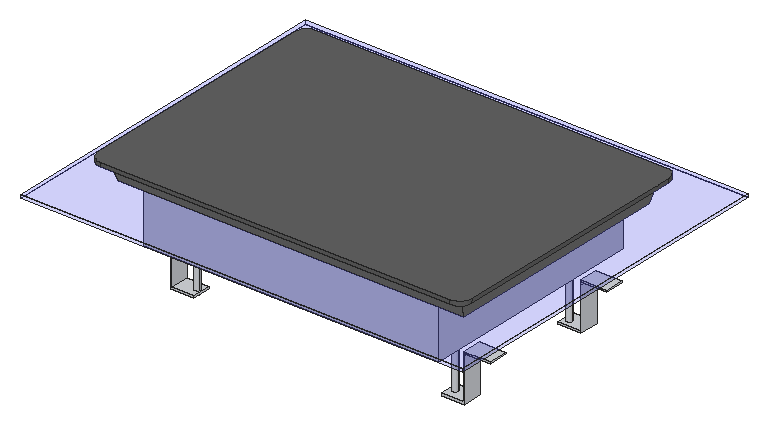
Revit family "QSC TSC-7w", category Generic Models, host Face, Revit 2014
Parameters
  Voltage DC = "12 VDC or PoE 802.3af"
  URL = ""
  Show Right Ear Short [instance] = yes
  Show Right Ear Long [instance] = yes
  Show Left Ear Short [instance] = yes
  Show Left Ear Long [instance] = yes
  Width = 198.0 mm
  Logo Material [instance] = White Finish
  Height = 143.0 mm
  Product Page URL = "http://www.qsc.com/systems/products/q-sys/network-touch-screen-controller-peripherals/tsc-7w/"
  Product Documentation Link = "http://www.qsc.com/resource-files/productresources/dn/touchscreen_controller_peripherals/tsc_7w/q_dn_qsys_tsc_7w_specs.pdf"
  Model = "TSC-7w"
  Manufacturer URL = "http://www.qscaudio.com"
  Manufacturer = "QSC Audio Products, LLC"  # constant formula
  Face Material = Glossy Black
  Face Depth = 2.0 mm
  Enclosure Width = 183.0 mm
  Enclosure Length = 122.0 mm
  Enclosure Depth = 26.0 mm
  Description = "Wall-mount PoE Touch Screen Controller"
  Depth = 38.0 mm
  Default Elevation = 0.0 mm
  Current Draw = 1
  Enclosure Material = Dark Gray Finish
  Blend Depth = 11.0 mm
Reference planes
  plane 1 "Center (Front/Back)": y = 0
  plane 2: z = 0
  plane 3 "Center (Left/Right)": x = 0
  plane 4 "Right Frame Perimeter": x = 99
  plane 5 "Left Frame Perimeter": x = -99
  plane 6 "Top Screen Boundary": y = 43.5
  plane 7 "Bottom Screen Boundary": y = -43.5
  plane 8 "Right Screen Perimeter": x = 77.5
  plane 9 "Left Screen Perimeter": x = -77.5
  plane 10 "Top Frame Perimeter": y = 71.5
  plane 11 "Bottom Frame Perimeter": y = -71.5
  plane 12 "Front of Screen": z = 13
  plane 13 "Back of Enclosed": z = -26
  plane 14 "Enclosure Right Perimeter": x = 91.5
  plane 15 "Enclosure Left Perimeter": x = -91.5
  plane 16 "Enclosure Top Perimeter": y = 61
  plane 17 "Enclosure Bottom Perimeter": y = -61
  plane 18 "Back of Screen": z = 11
  plane 19: x = -78
  plane 20: x = 78
  plane 21: z = -54
  plane 22: x = 70
  plane 23: x = -70
  plane 24: x = -67
  plane 25: x = 67
  plane 26: z = -53
  plane 27: z = -29
Forms (mm)
  Extrusion 1, solid, material "Glass"
    sketch origin (0, 0, 0) x (1, 0, 0) y (0, 1, 0)
      loop
        line (-116, 93.5) -> (-116, -95.344) -> (118.356, -95.344) -> (118.356, 93.5) -> (-116, 93.5)
    from 0 to -2.007
  Extrusion 2, solid, material "Glossy Black" <- "Face Material"
    sketch origin (0, 0, 11) x (-1, 0, 0) y (0, -1, 0)
      loop
        line (-92.5, -71.5) -> (92.5, -71.5)
        arc (92.5, -71.5) -> (97.096, -69.596) -> (99, -65) r 6.5
        line (99, -65) -> (99, 65)
        arc (99, 65) -> (97.096, 69.596) -> (92.5, 71.5) r 6.5
        line (92.5, 71.5) -> (-92.5, 71.5)
        arc (-92.5, 71.5) -> (-97.096, 69.596) -> (-99, 65) r 6.5
        line (-99, 65) -> (-99, -65)
        arc (-99, -65) -> (-97.096, -69.596) -> (-92.5, -71.5) r 6.5
    from 0 to 2 <- "Face Depth"
  Blend 3, solid, material "Dark Gray Finish" <- "Enclosure Material"
    base sketch origin (0, 0, 0) x (1, 0, 0) y (0, 1, 0)
      loop
        line (-93.8, 65.2) -> (-93.8, -65.2) -> (93.8, -65.2) -> (93.8, 65.2) -> (-93.8, 65.2)
    top sketch origin (0, 0, 0) x (1, 0, 0) y (0, 1, 0)
      loop
        line (-91.5, 61) -> (-91.5, -61) -> (91.5, -61) -> (91.5, 61) -> (-91.5, 61)
    from 11 <- "Blend Depth" to 0
  Extrusion 4, solid
    sketch origin (0, -61, 0) x (1, 0, 0) y (0, 0, 1)
      loop
        line (-78, 0) -> (-78, -26) -> (78, -26) -> (78, 0) -> (-78, 0)
    from 0 to -122
  Extrusion 5, solid
    sketch origin (0, -21.971, 0) x (1, 0, 0) y (0, 0, -1)
      loop
        line (78, 54) -> (65.742, 54) -> (65.742, 53) -> (77.5, 53) -> (77.5, 29) -> (91.5, 29) -> (91.5, 29.799) -> (78, 29.799) -> (78, 30.786) -> (78, 54)
    from -11.446 to -21.529
  Extrusion 6, solid
    sketch origin (0, 0, 13) x (-1, 0, 0) y (0, -1, 0)
      loop
        circle (-68.338, 37.722) r 1.5
    from -39 to -68.088
  Extrusion 7, solid
    sketch origin (0, 0, 13) x (1, 0, 0) y (0, 1, 0)
      loop
        circle (-68.338, -37.722) r 1.5
    from -39 to -68.088
  Extrusion 8, solid
    sketch origin (0, 0, 13) x (-1, 0, 0) y (0, -1, 0)
      loop
        circle (-68.338, -37.722) r 1.5
    from -39 to -68.088
  Extrusion 9, solid
    sketch origin (0, 0, 13) x (1, 0, 0) y (0, 1, 0)
      loop
        circle (-68.338, 37.722) r 1.5
    from -39 to -68.088
  Extrusion 10, solid
    sketch origin (0, 21.971, 0) x (1, 0, 0) y (0, 0, 1)
      loop
        line (78, -54) -> (78, -30.786) -> (78, -29.799) -> (91.5, -29.799) -> (91.5, -29) -> (77.5, -29) -> (77.5, -53) -> (65.742, -53) -> (65.742, -54) -> (78, -54)
    from -11.446 to -21.529
  Extrusion 11, solid
    sketch origin (0, 21.971, 0) x (-1, 0, 0) y (0, 0, -1)
      loop
        line (78, 54) -> (65.742, 54) -> (65.742, 53) -> (77.5, 53) -> (77.5, 29) -> (91.5, 29) -> (91.5, 29.799) -> (78, 29.799) -> (78, 30.786) -> (78, 54)
    from -11.446 to -21.529
  Extrusion 12, solid
    sketch origin (0, -21.971, 0) x (-1, 0, 0) y (0, 0, 1)
      loop
        line (78, -54) -> (78, -30.786) -> (78, -29.799) -> (91.5, -29.799) -> (91.5, -29) -> (77.5, -29) -> (77.5, -53) -> (65.742, -53) -> (65.742, -54) -> (78, -54)
    from -11.446 to -21.529
Cuts and joins
  joined: Extrusion 5, Extrusion 6
  joined: Extrusion 8, Extrusion 10
  joined: Extrusion 9, Extrusion 11
  joined: Extrusion 7, Extrusion 12
Lines and regions (mm)
  model lines, style "GenericModel", not visible, detail levels fine
    curve 1: line (344.322, -25.724, 0.794) -> (342.106, -22.804, 0.794)
    curve 2: line (342.106, -22.804, 0.794) -> (344.322, -25.724, 0.794)
    curve 3: line (334.07, -25.359, 0.794) -> (334.908, -22.347, 0.794)
    curve 4: line (334.908, -22.347, 0.794) -> (334.07, -25.359, 0.794)
    curve 5: line (335.469, -27.353, 0.794) -> (334.844, -21.779, 0.794)
    curve 6: line (334.844, -21.779, 0.794) -> (335.469, -27.353, 0.794)
    curve 7: line (347.29, -23.453, 0.794) -> (349.266, -24.905, 0.794)
    curve 8: line (349.266, -24.905, 0.794) -> (347.29, -23.453, 0.794)
    curve 17: line (-85.176, 10.698, 0) -> (-87.627, 13.927, 0)
    curve 18: line (-87.627, 13.927, 0) -> (-85.176, 10.698, 0)
    curve 19: line (-96.512, 11.101, 0) -> (-95.587, 14.432, 0)
    curve 20: line (-95.587, 14.432, 0) -> (-96.512, 11.101, 0)
    curve 21: line (-94.966, 8.896, 0) -> (-95.657, 15.06, 0)
    curve 22: line (-95.657, 15.06, 0) -> (-94.966, 8.896, 0)
    curve 23: line (-81.894, 13.209, 0) -> (-79.709, 11.603, 0)
    curve 24: line (-79.709, 11.603, 0) -> (-81.894, 13.209, 0)
  model lines, not visible
    curve 9: arc (-104.012, -1.588, 45.52) -> (-96.511, 5.913, 45.52) -> (-89.011, -1.588, 45.52) r 7.501
    curve 10: arc (-89.011, -1.588, 45.52) -> (-96.511, -9.088, 45.52) -> (-104.012, -1.588, 45.52) r 7.501
    curve 11: arc (73.897, 4.762, 45.52) -> (89.396, 20.262, 45.52) -> (104.895, 4.762, 45.52) r 15.499
    curve 12: arc (104.895, 4.762, 45.52) -> (89.396, -10.737, 45.52) -> (73.897, 4.762, 45.52) r 15.499
    curve 13: line (54.287, 24.465, 45.52) -> (54.287, -20.671, 45.52)
    curve 14: line (54.287, -20.671, 45.52) -> (-16.573, -20.671, 45.52)
    curve 15: line (-16.573, -20.671, 45.52) -> (-16.573, 24.465, 45.52)
    curve 16: line (-16.573, 24.465, 45.52) -> (54.287, 24.465, 45.52)
    curve 25: line (-1.016, 14.019, 0) -> (100.984, 14.019, 0)
    curve 26: line (-1.016, -2.981, 0) -> (-1.016, 14.019, 0)
    curve 27: line (100.984, -2.981, 0) -> (-1.016, -2.981, 0)
    curve 28: line (100.984, 14.019, 0) -> (100.984, -2.981, 0)
  model lines, style "Logo", not visible, detail levels fine
    curve 29: line (-87.642, 15.201, 2.002) -> (-89.747, 17.974, 2.002)
    curve 30: line (-89.747, 17.974, 2.002) -> (-87.642, 15.201, 2.002)
    curve 31: line (-97.378, 15.547, 2.002) -> (-96.583, 18.408, 2.002)
    curve 32: line (-96.583, 18.408, 2.002) -> (-97.378, 15.547, 2.002)
    curve 33: line (-96.05, 13.653, 2.002) -> (-96.644, 18.947, 2.002)
    curve 34: line (-96.644, 18.947, 2.002) -> (-96.05, 13.653, 2.002)
    curve 35: line (-84.824, 17.357, 2.002) -> (-82.947, 15.978, 2.002)
    curve 36: line (-82.947, 15.978, 2.002) -> (-84.824, 17.357, 2.002)
  model lines, style "Logo", detail levels fine
    curve 37: line (1.255, -58.323, 13) -> (-0.85, -55.55, 13)
    curve 38: line (-0.85, -55.55, 13) -> (1.255, -58.323, 13)
    curve 39: line (-8.481, -57.977, 13) -> (-7.686, -55.117, 13)
    curve 40: line (-7.686, -55.117, 13) -> (-8.481, -57.977, 13)
    curve 41: line (-7.153, -59.871, 13) -> (-7.747, -54.577, 13)
    curve 42: line (-7.747, -54.577, 13) -> (-7.153, -59.871, 13)
    curve 43: line (4.073, -56.168, 13) -> (5.95, -57.547, 13)
    curve 44: line (5.95, -57.547, 13) -> (4.073, -56.168, 13)
  model lines
    curve 45: line (-77.5, 43.5, 13) -> (77.5, 43.5, 13)
    curve 46: line (-77.5, -43.5, 13) -> (-77.5, 43.5, 13)
    curve 47: line (77.5, -43.5, 13) -> (-77.5, -43.5, 13)
    curve 48: line (77.5, 43.5, 13) -> (77.5, -43.5, 13)
Dimensions and locks
  equal spacing: plane 9 "Left Screen Perimeter", plane 3 "Center (Left/Right)", plane 8 "Right Screen Perimeter"
  locked: plane 9 "Left Screen Perimeter" to plane 8 "Right Screen Perimeter" at 155
  equal spacing: plane 5 "Left Frame Perimeter", plane 3 "Center (Left/Right)", plane 4 "Right Frame Perimeter"
  "Width": plane 5 "Left Frame Perimeter" to plane 4 "Right Frame Perimeter"
  equal spacing: plane 7 "Bottom Screen Boundary", plane 1 "Center (Front/Back)", plane 6 "Top Screen Boundary"
  locked: plane 7 "Bottom Screen Boundary" to plane 6 "Top Screen Boundary" at 87
  equal spacing: plane 11 "Bottom Frame Perimeter", plane 1 "Center (Front/Back)", plane 10 "Top Frame Perimeter"
  "Height": plane 11 "Bottom Frame Perimeter" to plane 10 "Top Frame Perimeter"
  equal spacing: plane 15 "Enclosure Left Perimeter", plane 3 "Center (Left/Right)", plane 14 "Enclosure Right Perimeter"
  "Enclosure Width": plane 15 "Enclosure Left Perimeter" to plane 14 "Enclosure Right Perimeter"
  equal spacing: plane 17 "Enclosure Bottom Perimeter", plane 1 "Center (Front/Back)", plane 16 "Enclosure Top Perimeter"
  "Enclosure Length": plane 17 "Enclosure Bottom Perimeter" to plane 16 "Enclosure Top Perimeter"
  "Face Depth": plane 18 "Back of Screen" to plane 12 "Front of Screen"
  "Blend Depth": level to plane 18 "Back of Screen"
  "Enclosure Depth": plane 13 "Back of Enclosed" to level
  Extrusion 2 to curve 42 = 11.629 mm
  equal spacing: plane 20, plane 3 "Center (Left/Right)", plane 19
  plane 20 to plane 19 = 156.0 mm
  Extrusion 5 to Extrusion 6 = 1.088 mm
  aligned and locked: plane 2 to Extrusion 1
  aligned and locked: level to Extrusion 1
  aligned and locked: Extrusion 2 to plane 12 "Front of Screen"
  aligned and locked: Extrusion 2 to plane 18 "Back of Screen"
  aligned and locked: Blend 3 to Extrusion 2
  aligned and locked: Blend 3 to level
  aligned and locked: curve 41 to plane 12 "Front of Screen"
  aligned and locked: plane 6 "Top Screen Boundary" to curve 45
  aligned and locked: plane 9 "Left Screen Perimeter" to curve 46
  aligned and locked: curve 47 to plane 7 "Bottom Screen Boundary"
  aligned and locked: curve 48 to plane 8 "Right Screen Perimeter"
Automatic sketch dimensions
  curve 25 to curve 25 = 102.0 mm
  curve 27 to curve 25 = 17.0 mm
  curve 24 to curve 25 = 78.693 mm
  curve 23 to curve 24 = 0.0 mm  (x4)
  curve 24 to curve 23 = 2.185 mm
  curve 18 to curve 23 = 3.282 mm
  curve 17 to curve 18 = 0.0 mm
  curve 17 to curve 17 = 2.451 mm
  curve 18 to curve 17 = 0.0 mm  (x3)
  curve 21 to curve 18 = 7.339 mm
  curve 22 to curve 21 = 0.0 mm  (x2)
  curve 20 to curve 22 = 0.621 mm
  curve 19 to curve 20 = 0.0 mm
  curve 22 to curve 19 = 0.07 mm
  curve 21 to curve 22 = 0.0 mm  (x2)
  curve 19 to curve 22 = 1.547 mm
  curve 20 to curve 19 = 0.0 mm  (x2)
  curve 22 to curve 25 = 5.123 mm
  curve 21 to curve 17 = 1.802 mm
  curve 22 to curve 19 = 2.205 mm
  curve 17 to curve 24 = 0.905 mm
  curve 23 to curve 24 = 1.606 mm
  curve 17 to curve 17 = 3.229 mm
  curve 20 to curve 20 = 3.331 mm
  curve 43 to curve 44 = 0.0 mm
  curve 43 to curve 43 = 1.877 mm
  curve 44 to curve 43 = 0.0 mm  (x3)
  curve 43 to curve 38 = 2.818 mm
  curve 37 to curve 38 = 0.0 mm  (x3)
  curve 38 to curve 37 = 2.105 mm
  curve 38 to curve 37 = 0.0 mm
  curve 37 to curve 42 = 6.303 mm
  curve 41 to curve 42 = 0.0 mm  (x2)
  curve 41 to curve 40 = 0.533 mm
  curve 39 to curve 40 = 0.0 mm  (x2)
  curve 39 to curve 41 = 0.06 mm
  curve 42 to curve 41 = 0.0 mm  (x2)
  curve 41 to curve 40 = 1.328 mm
  curve 42 to curve 40 = 0.539 mm
  curve 39 to curve 38 = 0.434 mm
  curve 37 to curve 43 = 0.617 mm
  curve 44 to curve 43 = 1.379 mm
  curve 39 to curve 41 = 1.894 mm
  curve 40 to curve 39 = 0.0 mm
  curve 37 to curve 38 = 2.773 mm
  curve 35 to curve 36 = 0.0 mm
  curve 35 to curve 35 = 1.877 mm
  curve 36 to curve 35 = 0.0 mm  (x3)
  curve 35 to curve 30 = 2.818 mm
  curve 29 to curve 30 = 0.0 mm  (x3)
  curve 30 to curve 29 = 2.105 mm
  curve 30 to curve 29 = 0.0 mm
  curve 29 to curve 34 = 6.303 mm
  curve 33 to curve 34 = 0.0 mm  (x2)
  curve 33 to curve 32 = 0.533 mm
  curve 31 to curve 32 = 0.0 mm  (x2)
  curve 31 to curve 33 = 0.06 mm
  curve 34 to curve 33 = 0.0 mm  (x2)
  curve 33 to curve 32 = 1.328 mm
  curve 34 to curve 32 = 0.539 mm
  curve 31 to curve 30 = 0.434 mm
  curve 29 to curve 35 = 0.617 mm
  curve 36 to curve 35 = 1.379 mm
  curve 31 to curve 33 = 1.894 mm
  curve 32 to curve 31 = 0.0 mm
  curve 29 to curve 30 = 2.773 mm
  Extrusion 1 sketch curve to Extrusion 1 sketch curve = 234.356 mm
  Extrusion 1 sketch curve to Extrusion 1 sketch curve = 188.844 mm
  Extrusion 2 sketch curve to plane 4 "Right Frame Perimeter" = 0.0 mm
  plane 11 "Bottom Frame Perimeter" to Extrusion 2 sketch curve = 0.0 mm
  plane 10 "Top Frame Perimeter" to Extrusion 2 sketch curve = 0.0 mm
  Extrusion 2 sketch curve to plane 5 "Left Frame Perimeter" = 0.0 mm
  plane 14 "Enclosure Right Perimeter" to Extrusion 2 sketch curve = 1.0 mm  (x2)
  Extrusion 2 sketch curve to plane 15 "Enclosure Left Perimeter" = 1.0 mm  (x2)
  Blend 3 sketch curve to plane 15 "Enclosure Left Perimeter" = 2.3 mm
  plane 14 "Enclosure Right Perimeter" to Blend 3 sketch curve = 2.3 mm
  plane 17 "Enclosure Bottom Perimeter" to Blend 3 sketch curve = 4.2 mm
  Blend 3 sketch curve to plane 16 "Enclosure Top Perimeter" = 4.2 mm
  Blend 3 sketch curve to plane 15 "Enclosure Left Perimeter" = 0.0 mm
  Blend 3 sketch curve to plane 14 "Enclosure Right Perimeter" = 0.0 mm
  plane 17 "Enclosure Bottom Perimeter" to Blend 3 sketch curve = 0.0 mm
  plane 16 "Enclosure Top Perimeter" to Blend 3 sketch curve = 0.0 mm
  Extrusion 4 sketch curve to plane 13 "Back of Enclosed" = 0.0 mm
  Extrusion 4 sketch curve to plane 19 = 0.0 mm
  Extrusion 4 sketch curve to level = 0.0 mm
  Extrusion 4 sketch curve to plane 20 = 0.0 mm
  Extrusion 5 sketch curve to plane 21 = 0.0 mm
  Extrusion 5 sketch curve to plane 26 = 0.0 mm
  Extrusion 5 sketch curve to plane 8 "Right Screen Perimeter" = 0.0 mm
  Extrusion 5 sketch curve to plane 20 = 0.0 mm
  Extrusion 5 sketch curve to plane 14 "Enclosure Right Perimeter" = 0.0 mm
  Extrusion 5 sketch curve to plane 27 = 0.0 mm
  Extrusion 5 sketch curve to plane 25 = 1.258 mm
  Extrusion 5 sketch curve to Extrusion 5 sketch curve = 0.799 mm
  Extrusion 5 sketch curve to Extrusion 5 sketch curve = 0.987 mm
  plane 25 to Extrusion 6 sketch curve = 1.338 mm
  Extrusion 6 sketch curve to plane 7 "Bottom Screen Boundary" = 5.778 mm
  plane 24 to Extrusion 7 sketch curve = 1.338 mm
  plane 7 "Bottom Screen Boundary" to Extrusion 7 sketch curve = 5.778 mm
  Extrusion 8 sketch curve to plane 25 = 1.338 mm
  Extrusion 8 sketch curve to plane 6 "Top Screen Boundary" = 5.778 mm
  Extrusion 9 sketch curve to plane 24 = 1.338 mm
  plane 6 "Top Screen Boundary" to Extrusion 9 sketch curve = 5.778 mm
  Extrusion 10 sketch curve to plane 21 = 0.0 mm
  Extrusion 10 sketch curve to plane 26 = 0.0 mm
  Extrusion 10 sketch curve to plane 8 "Right Screen Perimeter" = 0.0 mm
  Extrusion 10 sketch curve to plane 20 = 0.0 mm
  Extrusion 10 sketch curve to plane 14 "Enclosure Right Perimeter" = 0.0 mm
  Extrusion 10 sketch curve to plane 27 = 0.0 mm
  Extrusion 10 sketch curve to plane 25 = 1.258 mm
  Extrusion 10 sketch curve to plane 27 = 1.786 mm
  Extrusion 10 sketch curve to Extrusion 10 sketch curve = 0.799 mm
  Extrusion 11 sketch curve to plane 21 = 0.0 mm
  Extrusion 11 sketch curve to plane 26 = 0.0 mm
  Extrusion 11 sketch curve to plane 9 "Left Screen Perimeter" = 0.0 mm
  Extrusion 11 sketch curve to plane 19 = 0.0 mm
  Extrusion 11 sketch curve to plane 15 "Enclosure Left Perimeter" = 0.0 mm
  Extrusion 11 sketch curve to plane 27 = 0.0 mm
  plane 24 to Extrusion 11 sketch curve = 1.258 mm
  Extrusion 11 sketch curve to plane 27 = 0.799 mm
  Extrusion 11 sketch curve to Extrusion 11 sketch curve = 0.987 mm
  Extrusion 12 sketch curve to plane 21 = 0.0 mm
  Extrusion 12 sketch curve to plane 26 = 0.0 mm
  Extrusion 12 sketch curve to plane 9 "Left Screen Perimeter" = 0.0 mm
  Extrusion 12 sketch curve to plane 19 = 0.0 mm
  Extrusion 12 sketch curve to plane 15 "Enclosure Left Perimeter" = 0.0 mm
  Extrusion 12 sketch curve to plane 27 = 0.0 mm
  plane 24 to Extrusion 12 sketch curve = 1.258 mm
  Extrusion 12 sketch curve to plane 27 = 1.786 mm
  Extrusion 12 sketch curve to plane 27 = 0.799 mm
  radius of Extrusion 6 sketch curve = 1.5 mm
  radius of Extrusion 7 sketch curve = 1.5 mm
  radius of Extrusion 8 sketch curve = 1.5 mm
  radius of Extrusion 9 sketch curve = 1.5 mm
